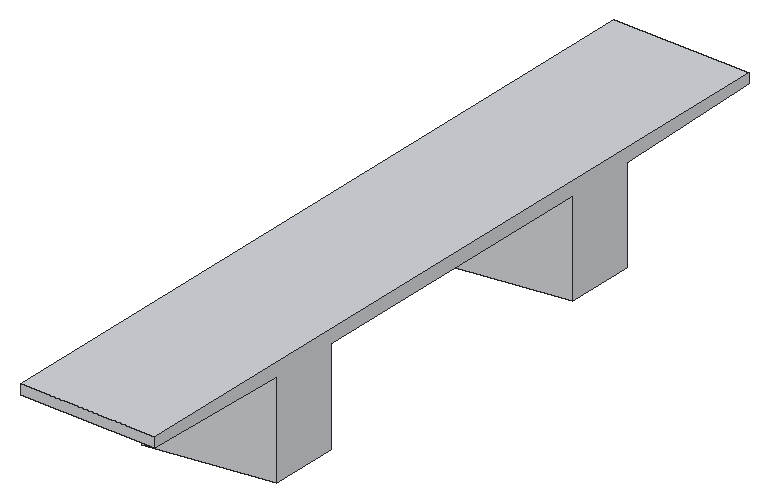
Revit family "DoubleTBeamSegment", category Structural Framing, Revit 2019
Family settings
  Display in Hidden Views = Edges Hidden by Other Members
  Section Shape = User Defined
  Material for Model Behavior = Concrete
  Always export as geometry = No
  OmniClass Number = 23.25.30.11.14.14
  OmniClass Title = Beams
  Always vertical = Yes
  Cut with Voids When Loaded = No
  Symbolic Representation = From Family
  Shared = Yes
  Show family pre-cut in plan views = Yes
Parameters
  Sofistik Section Right = "$ Revit defined Cross Section\r\nSECT 2 BTYP 'BEAM' TITL 'T_Section_right' MNO 1 MRF 2\r\n$ Polygonal Shape\r\nPOLY TYPE O\r\nVERT NO Y               Z\r\nVERT 1  =#Lane          0\r\nVERT 2  =#Lane          =#Slab_Height\r\nVERT 3  =#Beam_Width/2  =#Slab_Height\r\nVERT 4  =#Beam_Width/2  '=#Beam_Height'\r\nVERT 5  =-#Beam_Width/2 '=#Beam_Height'\r\nVERT 6  =-#Beam_Width/2 =#Slab_Height\r\nVERT 7  =-#Parapet      =#Parapet_Height\r\nVERT 8  =-#Parapet      0"  # constant formula
  Sofistik Section Left = "$ Revit defined Cross Section\r\nSECT 1 BTYP 'BEAM' TITL 'T_Section_left' MNO 1 MRF 2\r\n$ Polygonal Shape\r\nPOLY TYPE O\r\nVERT NO Y               Z\r\nVERT 1  =-#Lane         0\r\nVERT 2  =-#Lane         =#Slab_Height\r\nVERT 3  =-#Beam_Width/2 =#Slab_Height\r\nVERT 4  =-#Beam_Width/2 '=#Beam_Height'\r\nVERT 5  =#Beam_Width/2  '=#Beam_Height'\r\nVERT 6  =#Beam_Width/2  =#Slab_Height\r\nVERT 7  =#Parapet       =#Parapet_Height\r\nVERT 8  =#Parapet       0"  # constant formula
  Slab_Height [instance] = 200 mm
  Parapet_Height [instance] = 150 mm
  Length [instance] = 30000 mm
  Parapet [instance] = 2750 mm
  Lane [instance] = 2750 mm
  Beam_Height_Start [instance] = 1600 mm
  Beam_Height_End [instance] = 1400 mm
  Beam_Width [instance] = 1000 mm
  Beam_Height [instance] = (Beam_Height_Start + Beam_Height_End) / 2  # 1500 mm
Reference planes
  plane 1 "Center (Front/Back)": y = 0
  plane 2 "Center Elevation": z = 0
  plane 3 "Center (Left/Right)": x = 0
  plane 4 "Left": x = -15000
  plane 5 "Member Left": x = -1250
  plane 6 "Stick Symbol Left": x = -1000
  plane 7 "Right": x = 15000
  plane 8 "Member Right": x = 1250
  plane 9 "Stick Symbol Right": x = 1000
Forms (mm)
  SweptBlend 1, solid
    path in 3D
      loop
        line (-1000, 0, 0) -> (1000, 0, 0)
    profile "DoubleTBeamDeck : DoubleTBeamDeckStart" origin (-1000, 0, 0) x (0, 1, 0) y (0, 0, 1)
      loop
        line (-5500, 0) -> (-5500, -150) -> (-3250, -200) -> (-3250, -1800) -> (-2250, -1800) -> (-2250, -200) -> (2250, -200) -> (2250, -1800) -> (3250, -1800) -> (3250, -200) -> (5500, -150) -> (5500, 0) -> (-5500, 0)
    end profile "DoubleTBeamDeck : DoubleTBeamDeckEnd" origin (1000, 0, 0) x (0, 1, 0) y (0, 0, 1)
      loop
        line (-5500, 0) -> (-5500, -150) -> (-3250, -200) -> (-3250, -1600) -> (-2250, -1600) -> (-2250, -200) -> (2250, -200) -> (2250, -1600) -> (3250, -1600) -> (3250, -200) -> (5500, -150) -> (5500, 0) -> (-5500, 0)
Lines and regions (mm)
  model lines, style "Stick Symbols", detail levels coarse
    curve 1: line (-1000, 0, 0) -> (1000, 0, 0)
  sketch lines
    curve 2: line (-1000, 0, 0) -> (1000, 0, 0)
Dimensions and locks
  equal spacing: plane 4 "Left", plane 3 "Center (Left/Right)", plane 7 "Right"
  "Length": plane 4 "Left" to plane 7 "Right"
  aligned and locked: plane 1 "Center (Front/Back)" to curve 1
  aligned and locked: plane 6 "Stick Symbol Left" to curve 1
  aligned and locked: plane 9 "Stick Symbol Right" to curve 1
  aligned and locked: level to plane 2 "Center Elevation"
